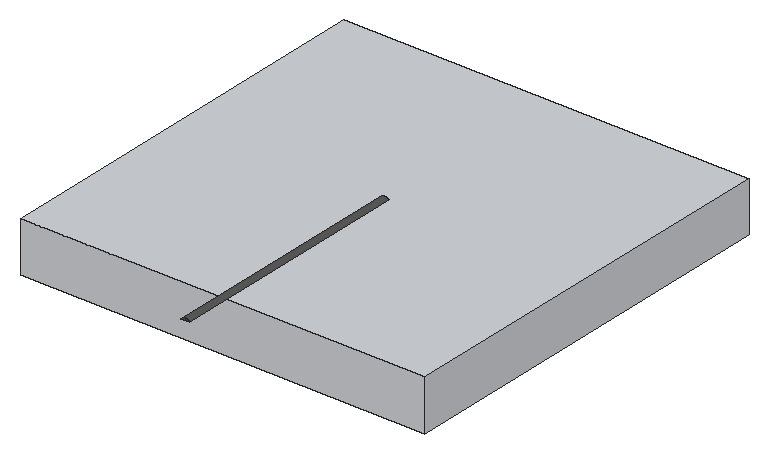
Revit family "Legrand Goulottes de sol", category Installations électriques, Revit 2020
Family settings
  Hôte = Face
  Conserver l'orientation des annotations = Non
  Cote de connecteur circulaire = Utiliser le diamètre
  Type d'élément = Normal
  Couper avec des vides une fois chargée = Non
  Partagée = Non
  Point de calcul de pièce = Non
Parameters (values of type "P. PLANCHER 75X18 2M Noir")
  Standard = "A clippage direct-ON_UNIVERSAL"
  Modèle = "LG-030090"
  Matériau principal = "Plastique"
  Matériau = Legrand - Plastique noir
  L2 [instance] = if(L1 = 2000 mm, 1999 mm, 2000 mm)  # 2000 mm
  L1 [instance] = 1500 mm
  Finition = "Noir"
  Fabricant = "LEGRAND"
  Default Elevation = 0 mm
  Description = "passage de plancher 75x18 3 compartiments 2m Noir"
Types (3, lengths in mm): name | Modèle | Matériau | Finition | Description
  (no name) | "LG-030090" | Legrand - Plastique noir | "Noir" | "passage de plancher 75x18 3 compartiments 2m Noir"
  P. PLANCHER 75X18 2M Blanc | "LG-030088" | Legrand - Plastique blanc | "Blanc" | "passage de plancher 75x18 3 compartiments 2m Blanc"
  P. PLANCHER 75X18 2M Noir | "LG-030090" | Legrand - Plastique noir | "Noir" | "passage de plancher 75x18 3 compartiments 2m Noir"
Reference planes
  plane 1 "Centre (avant/arrière)": y = 0
  plane 2: z = 0
  plane 3 "Centre (gauche/droite)": x = 0
  plane 4: y = -1500
  plane 5: y = -2000
Forms (mm)
  Extrusion 1, solid
    sketch origin (0, 0, 0) x (1, 0, 0) y (0, 1, 0)
      loop
        line (-1219.2, 1219.2) -> (-1219.2, -1219.2) -> (1219.2, -1219.2) -> (1219.2, 1219.2) -> (-1219.2, 1219.2)
    from 0 to -304.8
  Extrusion 2, solid, material "Legrand - Plastique noir" <- "Matériau"
    sketch origin (0, 0, 0) x (1, 0, 0) y (0, 0, 1)
      loop
        arc (25, 0) -> (0, 12.11) -> (-25, 0) r 31.86
        line (-25, 0) -> (25, 0)
    from 0 to 1500
  Extrusion 3, void
    sketch origin (0, 0, 0) x (1, 0, 0) y (0, 1, 0)
      loop
        line (-25, -1500) -> (-25, -2000) -> (35, -2000) -> (35, -1500) -> (-25, -1500)
    from 0 to 250
Cuts and joins
  Extrusion 3 cuts Extrusion 2
Dimensions and locks
  "L1": plane 4 to plane 1 "Centre (avant/arrière)"
  "L2": plane 5 to plane 1 "Centre (avant/arrière)"
  aligned and locked: plane 2 to Extrusion 1
  aligned and locked: level to Extrusion 1
  aligned and locked: Extrusion 2 to plane 4
  aligned and locked: Extrusion 3 sketch curve to plane 4
  aligned and locked: plane 5 to Extrusion 3 sketch curve
Automatic sketch dimensions
  Extrusion 1 sketch curve to Extrusion 1 sketch curve = 2438.4 mm  (x2)
  Extrusion 2 sketch curve to level = 0 mm
  Extrusion 2 sketch curve to plane 3 "Centre (gauche/droite)" = 0 mm
  Extrusion 2 sketch curve to plane 3 "Centre (gauche/droite)" = 25 mm
  Extrusion 2 sketch curve to level = 19.749 mm
  Extrusion 3 sketch curve to plane 3 "Centre (gauche/droite)" = 25 mm
  plane 3 "Centre (gauche/droite)" to Extrusion 3 sketch curve = 35 mm
